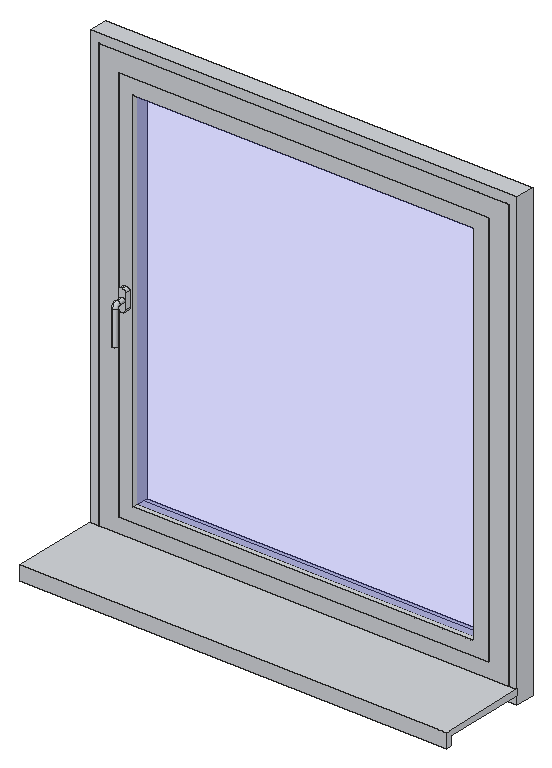
Revit family "AVLN_Окно_1_створка", category Окна, Revit 2021
Family settings
  Основа = Стена
  Номер OmniClass = 23.30.20.00
  Заголовок OmniClass = Windows
  Всегда вертикально = Да
  При загрузке вырезать с полостями = Нет
  Общий = Нет
  Точка принадлежности помещению = Нет
Parameters (values of type "Для копирования!")
  Ширина рамы = 70 mm
  Ширина импоста = 50 mm
  Четверть слева/справа = 50 mm
  Четверть низ = 0 mm  # constant formula
  Четверть верх = 50 mm
  Створка_толщина = 25 mm  # constant formula
  Толщина основы [instance] = 200 mm
  Створка_ширина = Width - Монтажный зазор_Слева - Монтажный зазор_Справа - Ширина рамы * 2  # 1300 mm
  Створка_профиль = 50 mm
  Створка_высота = Height - Монтажный зазор_Снизу * 2 - Ширина рамы * 2  # 1400 mm
  Определить тепловые свойства по = Тип схем
  Створка 01 = АВЛН_Створка открывная : Створка повороно-откидная правая
  Rough Width = Width - Монтажный зазор_Снизу * 2  # 1440 mm
  Rough Height = Height - Монтажный зазор_Снизу - Монтажный зазор_Сверху  # 1540 mm
  Подстановочный профиль_Ширина = 20 mm  # constant formula
  Подстановочный профиль_Толщина = 60 mm
  Подоконник_Толщина = 20 mm
  Подоконник_Длина = Width  # 1500 mm
  Подоконник_Глубина = 280 mm
  Подоконник = yes
  Монтажный зазор_Справа = 30 mm
  Монтажный зазор_Слева = 30 mm
  Монтажный зазор_Сверху = 30 mm
  Глубина вставки = 0 mm
  Отлив_Толщина = 1 mm  # constant formula
  Отлив_Длина = Width - [Четверть слева/справа] * 2  # 1400 mm
  Отлив_Глубина = 280 mm
  Отлив = no
  Откос_Н.Ширина = Width - 2 * [Четверть слева/справа]  # 1400 mm
  Откос_Н.Толщина.8 = 32 mm
  Откос_Н.Толщина.7 = 28 mm
  Откос_Н.Толщина.6 = 24 mm
  Откос_Н.Толщина.5 = 20 mm
  Откос_Н.Толщина.4 = 16 mm
  Откос_Н.Толщина.3 = 12 mm
  Откос_Н.Толщина.2 = 8 mm
  Откос_Н.Толщина.1 = 4 mm
  Откос_Н.Отступ_П = 0 mm  # constant formula
  Откос_Н.Отступ_Л = 0 mm  # constant formula
  Откос_Н.Количество слоев = 0
  Откос_Н.Глубина = 150 mm
  Откос_Н.Высота = Height - Четверть верх - Четверть низ  # 1550 mm
  Откос_В.Толщина.8 = 32 mm
  Откос_В.Толщина.7 = 28 mm
  Откос_В.Толщина.6 = 24 mm
  Откос_В.Толщина.5 = 20 mm
  Откос_В.Толщина.4 = 16 mm
  Откос_В.Толщина.3 = 12 mm
  Откос_В.Толщина.2 = 8 mm
  Откос_В.Толщина.1 = 4 mm
  Откос_В.Отступ_П [instance] = Монтажный зазор_Снизу + Подоконник_Толщина  # 50 mm
  Откос_В.Отступ_Л [instance] = Монтажный зазор_Снизу + Подоконник_Толщина  # 50 mm
  Откос_В.Количество слоев = 0
  Откос_В.Глубина [instance] = Толщина основы - Глубина вставки - Ширина рамы  # 130 mm
  Монтажный зазор_Снизу = 30 mm
  М.Подоконник = none
  М.Отлив = none
  М.Откос_Н.8 = none
  М.Откос_Н.7 = none
  М.Откос_Н.6 = none
  М.Откос_Н.5 = none
  М.Откос_Н.4 = none
  М.Откос_Н.3 = none
  М.Откос_Н.2 = none
  М.Откос_Н.1 = ADSK_Полимеры_ Поливинилхлорид_(ПВХ) белый
  М.Откос_В.8 = none
  М.Откос_В.7 = none
  М.Откос_В.6 = none
  М.Откос_В.5 = none
  М.Откос_В.4 = none
  М.Откос_В.3 = none
  М.Откос_В.2 = none
  М.Откос_В.1 = ADSK_Полимеры_ Поливинилхлорид_(ПВХ) белый
  М.Монтажного зазора = none
  М.Стекла = Стекло
  М.Рамы = none
  М.Подоконный профиль = none
  Type Comments = ""
  Height = 1600 mm
  Высота подоконника по умолчанию = 800 mm
  Замыкание стены = По основе
  Width = 1500 mm
  Аналитическая конструкция = "<Нет>"
  АВЛН_Проем_Ширина [instance] = Width  # 1500 mm
  АВЛН_Проем_Высота [instance] = Height  # 1600 mm
  ADSK_Этаж [instance] = ""
  ADSK_Размер_Ширина = Width  # 1500 mm
  ADSK_Размер_Высота = Height  # 1600 mm
  ADSK_Примечание [instance] = ""
  ADSK_Площадь = Height * Width  # 2.40 m²
  ADSK_Обозначение = ""
  ADSK_Номер секции [instance] = ""
  ADSK_Наименование = ""
  ADSK_Марка = ""
  ADSK_Группирование = ""
  -----------Разрезка----------- = "-----------"  # constant formula
  -----------Профили----------- = "-----------"  # constant formula
  -----------Подоконник----------- = "-----------"  # constant formula
  -----------Отлив----------- = "-----------"  # constant formula
  -----------Откос----------- = "-----------"  # constant formula
  -----------Основные габариты----------- = "-----------"  # constant formula
  -----------Вставка----------- = "-----------"  # constant formula
Reference planes
  plane 1 "По центру (Вперед/Назад)": y = 0
  plane 2 "По центру (Влево/Вправо)": x = 0
  plane 3 "Слева": x = -750
  plane 4 "Справа": x = 750
  plane 5 "Подоконник": z = 800
  plane 6 "Заголовок": z = 2400
  plane 7 "Наружный": y = 100
  plane 8 "Внутренние": y = -100
  plane 9 "Окно": y = 100
  plane 10: x = 720
  plane 11: z = 2370
  plane 12: x = -720
  plane 13: z = 830
  plane 14: x = 700
  plane 15: x = -700
  plane 16: z = 1600
  plane 17: y = 600
  plane 18: y = -400
  plane 19: z = 2350
  plane 20 "Чет. низ": z = 800
  plane 21 "Внутряння грань": y = 30
  plane 22: y = 80
  plane 23: z = 900
  plane 24: z = 2300
  plane 25: x = -650
  plane 26: x = 650
  plane 27 "9": x = 0
Forms (mm)
  Extrusion 1, void
    sketch origin (0, 100, 0) x (1, 0, 0) y (0, 0, 1)
      loop
        line (700, 2350) -> (-700, 2350) -> (-700, 800) -> (700, 800) -> (700, 2350)
    from -500 to 20
  Extrusion 2, void
    sketch origin (0, 100, 0) x (1, 0, 0) y (0, 0, 1)
      loop
        line (750, 2400) -> (-750, 2400) -> (-750, 800) -> (750, 800) -> (750, 2400)
    from 0 to 500
  Extrusion 3, solid, material <- "М.Монтажного зазора", detail levels medium+fine
    sketch origin (0, 100, 0) x (1, 0, 0) y (0, 0, 1)
      loop
        line (750, 2400) -> (-750, 2400) -> (-750, 800) -> (750, 800) -> (750, 2400)
      loop
        line (-720, 2370) -> (-720, 830) -> (720, 830) -> (720, 2370) -> (-720, 2370)
    from 0 to 70
  Extrusion 4, solid, material <- "М.Рамы", detail levels medium+fine
    sketch origin (0, 100, 0) x (-1, 0, 0) y (0, 0, 1)
      loop
        line (-720, 2370) -> (-720, 830) -> (720, 830) -> (720, 2370) -> (-720, 2370)
      loop
        line (-650, 2300) -> (-650, 900) -> (650, 900) -> (650, 2300) -> (-650, 2300)
    from -70 to 0
Text (mm)
  text "EXTERIOR" at (-1963.203, 1332.353, 0), in view "Опорный уровень"
  text "INTERIOR" at (-1981.466, -818.386, 0), in view "Опорный уровень"
  text "Наружный" at (0, 923.751, 2943.296), in view "Справа"
  text "Наружный" at (0, 1240.237, 2685.409), in view "Слева"
Dimensions and locks
  equal spacing: plane 3 "Слева", plane 2 "По центру (Влево/Вправо)", plane 4 "Справа"
  "Width": plane 3 "Слева" to plane 4 "Справа"
  "Height": plane 5 "Подоконник" to plane 6 "Заголовок"
  "Высота подоконника по умолчанию": plane 5 "Подоконник" to level
  locked: plane 7 "Наружный" to host wall
  locked: plane 8 "Внутренние" to host wall
  "Глубина вставки": plane 9 "Окно" to plane 7 "Наружный"
  "Монтажный зазор_Справа": plane 10 to plane 4 "Справа"
  "Монтажный зазор_Слева": plane 3 "Слева" to plane 12
  "Монтажный зазор_Сверху": plane 11 to plane 6 "Заголовок"
  "Монтажный зазор_Снизу": plane 5 "Подоконник" to plane 13
  "Четверть слева/справа": plane 14 to plane 4 "Справа"
  "Четверть слева/справа": plane 3 "Слева" to plane 15
  equal spacing: plane 5 "Подоконник", plane 16, plane 6 "Заголовок"
  locked: plane 7 "Наружный" to plane 17 at 500
  locked: plane 18 to plane 8 "Внутренние" at 300
  "Четверть верх": plane 19 to plane 6 "Заголовок"
  "Четверть низ": plane 5 "Подоконник" to plane 20 "Чет. низ"
  "Ширина рамы": plane 9 "Окно" to plane 21 "Внутряння грань"
  "Толщина основы": host wall to host wall
  locked: plane 22 to plane 21 "Внутряння грань" at 50
  "Ширина рамы": plane 26 to plane 10
  "Ширина рамы": plane 12 to plane 25
  "Ширина рамы": plane 13 to plane 23
  "Ширина рамы": plane 24 to plane 11
  equal spacing: plane 3 "Слева", plane 27 "9", plane 4 "Справа"
  aligned and locked: Extrusion 1 sketch curve to plane 14
  aligned and locked: plane 15 to Extrusion 1 sketch curve
  aligned and locked: plane 17 to Extrusion 1
  aligned and locked: Extrusion 2 sketch curve to plane 6 "Заголовок"
  aligned and locked: Extrusion 2 sketch curve to plane 4 "Справа"
  aligned and locked: plane 5 "Подоконник" to Extrusion 2 sketch curve
  aligned and locked: plane 3 "Слева" to Extrusion 2 sketch curve
  aligned and locked: plane 9 "Окно" to Extrusion 2
  aligned and locked: Extrusion 2 to plane 18
  aligned and locked: Extrusion 1 sketch curve to plane 19
  aligned and locked: plane 20 "Чет. низ" to Extrusion 1 sketch curve
  aligned and locked: plane 9 "Окно" to nested 1
  aligned and locked: plane 2 "По центру (Влево/Вправо)" to nested 1
  aligned and locked: nested 2 to plane 21 "Внутряння грань"
  aligned and locked: nested 2 to plane 2 "По центру (Влево/Вправо)"
  aligned and locked: nested 3 to plane 2 "По центру (Влево/Вправо)"
  aligned and locked: plane 8 "Внутренние" to nested 3
  aligned and locked: nested 4 to plane 9 "Окно"
  aligned and locked: Extrusion 3 sketch curve to plane 6 "Заголовок"
  aligned and locked: Extrusion 3 sketch curve to plane 4 "Справа"
  aligned and locked: Extrusion 3 sketch curve to nested 2  (x2)
  aligned and locked: Extrusion 3 sketch curve to plane 11
  aligned and locked: Extrusion 3 sketch curve to plane 12
  aligned and locked: Extrusion 3 sketch curve to plane 13
  aligned and locked: plane 10 to Extrusion 3 sketch curve
  aligned and locked: Extrusion 3 to nested 2
  aligned and locked: plane 12 to Extrusion 4 sketch curve
  aligned and locked: plane 13 to Extrusion 4 sketch curve
  aligned and locked: Extrusion 4 sketch curve to plane 24
  aligned and locked: Extrusion 4 sketch curve to plane 11
  aligned and locked: plane 20 "Чет. низ" to nested 4
  aligned and locked: nested 4 to plane 2 "По центру (Влево/Вправо)"
  aligned and locked: plane 9 "Окно" to Extrusion 3
  aligned and locked: Extrusion 4 to plane 21 "Внутряння грань"
  aligned and locked: plane 9 "Окно" to Extrusion 4
  aligned and locked: Extrusion 1 to plane 22
  aligned and locked: Extrusion 4 sketch curve to plane 10
  aligned and locked: Extrusion 4 sketch curve to plane 26
  aligned and locked: plane 23 to Extrusion 4
  aligned and locked: plane 16 to nested 5
  aligned and locked: plane 27 "9" to nested 5
Automatic sketch dimensions
  plane 25 to Extrusion 4 sketch curve = 0 mm
  Extrusion 4 sketch curve to plane 23 = 0 mm
Nested families
  nested 1: "Отлив" at (0, 100, 800) x (-1, 0, 0) z (0, 0, 1), Глубина отлива <- "Отлив_Глубина", Длина отлива <- "Отлив_Длина", ТО <- "Отлив_Толщина", Ш_МЗЗ <- "Монтажный зазор_Снизу", Ш_ПП <- "Подстановочный профиль_Ширина", ADSK_Группирование <- "ADSK_Группирование", ADSK_Номер секции <- "ADSK_Номер секции", ADSK_Этаж <- "ADSK_Этаж", visible <- "Отлив", М <- "М.Отлив", type "Отлив", detail levels fine
    with Ш_ПП 20 mm, Ш_МЗЗ 30 mm, ТО 1 mm, М none, Длина отлива 1400 mm, Глубина отлива 280 mm, ADSK_Этаж "", ADSK_Примечание "", ADSK_Обозначение "", ADSK_Номер секции "", ADSK_Наименование "", ADSK_Марка "", ADSK_Группирование ""
  nested 2: "Подоконник" at (0, 30, 800), Глубина подоконника <- "Подоконник_Глубина", Длина отлива <- "Подоконник_Длина", ТП <- "Подоконник_Толщина", Ш_МЗЗ <- "Монтажный зазор_Снизу", Ш_ПП <- "Подстановочный профиль_Ширина", ADSK_Группирование <- "ADSK_Группирование", ADSK_Номер секции <- "ADSK_Номер секции", ADSK_Этаж <- "ADSK_Этаж", visible <- "Подоконник", М <- "М.Подоконник", type "Подоконник", detail levels fine
    with Ш_ПП 20 mm, Ш_МЗЗ 30 mm, ТП 20 mm, М none, Длина отлива 1500 mm, Глубина подоконника 280 mm, ADSK_Этаж "", ADSK_Примечание "", ADSK_Обозначение "", ADSK_Номер секции "", ADSK_Наименование "", ADSK_Марка "", ADSK_Группирование ""
  nested 3: "AVLN_Откосы_R19" at (0, -100, 0), Глубина <- "Откос_В.Глубина", Высота от уровня <- "Высота подоконника по умолчанию", ADSK_Группирование <- "Type Comments", ADSK_Этаж <- "ADSK_Этаж", ADSK_Номер секции <- "ADSK_Номер секции", Материал_1 <- "М.Откос_В.1", Материал_2 <- "М.Откос_В.2", Материал_3 <- "М.Откос_В.3", Материал_4 <- "М.Откос_В.4", Материал_5 <- "М.Откос_В.5", Материал_6 <- "М.Откос_В.6", Материал_7 <- "М.Откос_В.7", Материал_8 <- "М.Откос_В.8", Толщина_1 <- "Откос_В.Толщина.1", Толщина_2 <- "Откос_В.Толщина.2", Толщина_3 <- "Откос_В.Толщина.3", Толщина_4 <- "Откос_В.Толщина.4", Толщина_5 <- "Откос_В.Толщина.5", Толщина_6 <- "Откос_В.Толщина.6", Толщина_7 <- "Откос_В.Толщина.7", Толщина_8 <- "Откос_В.Толщина.8", Количество слоев <- "Откос_В.Количество слоев", Отступ_Л <- "Откос_В.Отступ_Л", Отступ_П <- "Откос_В.Отступ_П", Высота <- "Height", Ширина <- "Width", type "AVLN_Откосы_R19"
    with Ширина_8 1276 mm, Ширина_7 1332 mm, Ширина_6 1380 mm, Ширина_5 1420 mm, Ширина_4 1452 mm, Ширина_3 1476 mm, Ширина_2 1492 mm, Ширина 1500 mm, Толщина_8 32 mm, Толщина_7 28 mm, Толщина_6 24 mm, Толщина_5 20 mm, Толщина_4 16 mm, Толщина_3 12 mm, Толщина_2 8 mm, Толщина_1 4 mm, Отступ_П 50 mm, Отступ_Л 50 mm, Материал_8 none, Материал_7 none, Материал_6 none, Материал_5 none, Материал_4 none, Материал_3 none, Материал_2 none, Материал_1 ADSK_Полимеры_ Поливинилхлорид_(ПВХ) белый, Количество слоев 0, Глубина 130 mm, Высота_8 1488 mm, Высота_7 1516 mm, Высота_6 1540 mm, Высота_5 1560 mm, Высота_4 1576 mm, Высота_3 1588 mm, Высота_2 1596 mm, Высота от уровня 800 mm, Высота 1600 mm, Видимость_8 no, Видимость_7 no, Видимость_6 no, Видимость_5 no, Видимость_4 no, Видимость_3 no, Видимость_2 no, Видимость_1 no, ADSK_Этаж "", ADSK_Номер секции "", ADSK_Группирование ""
  nested 4: "AVLN_Откосы_R19" at (0, 100, 0), Ширина <- "Откос_Н.Ширина", Глубина <- "Откос_Н.Глубина", Высота <- "Откос_Н.Высота", Высота от уровня <- "Высота подоконника по умолчанию", ADSK_Группирование <- "Type Comments", ADSK_Этаж <- "ADSK_Этаж", ADSK_Номер секции <- "ADSK_Номер секции", Материал_1 <- "М.Откос_Н.1", Материал_2 <- "М.Откос_Н.2", Материал_3 <- "М.Откос_Н.3", Материал_4 <- "М.Откос_Н.4", Материал_5 <- "М.Откос_Н.5", Материал_6 <- "М.Откос_Н.6", Материал_7 <- "М.Откос_Н.7", Материал_8 <- "М.Откос_Н.8", Толщина_1 <- "Откос_Н.Толщина.1", Толщина_2 <- "Откос_Н.Толщина.2", Толщина_3 <- "Откос_Н.Толщина.3", Толщина_4 <- "Откос_Н.Толщина.4", Толщина_5 <- "Откос_Н.Толщина.5", Толщина_6 <- "Откос_Н.Толщина.6", Толщина_7 <- "Откос_Н.Толщина.7", Толщина_8 <- "Откос_Н.Толщина.8", Количество слоев <- "Откос_Н.Количество слоев", Отступ_Л <- "Откос_Н.Отступ_Л", Отступ_П <- "Откос_Н.Отступ_П", type "AVLN_Откосы_R19"
    with Ширина_8 1176 mm, Ширина_7 1232 mm, Ширина_6 1280 mm, Ширина_5 1320 mm, Ширина_4 1352 mm, Ширина_3 1376 mm, Ширина_2 1392 mm, Ширина 1400 mm, Толщина_8 32 mm, Толщина_7 28 mm, Толщина_6 24 mm, Толщина_5 20 mm, Толщина_4 16 mm, Толщина_3 12 mm, Толщина_2 8 mm, Толщина_1 4 mm, Отступ_П 0 mm, Отступ_Л 0 mm, Материал_8 none, Материал_7 none, Материал_6 none, Материал_5 none, Материал_4 none, Материал_3 none, Материал_2 none, Материал_1 ADSK_Полимеры_ Поливинилхлорид_(ПВХ) белый, Количество слоев 0, Глубина 150 mm, Высота_8 1438 mm, Высота_7 1466 mm, Высота_6 1490 mm, Высота_5 1510 mm, Высота_4 1526 mm, Высота_3 1538 mm, Высота_2 1546 mm, Высота от уровня 800 mm, Высота 1550 mm, Видимость_8 no, Видимость_7 no, Видимость_6 no, Видимость_5 no, Видимость_4 no, Видимость_3 no, Видимость_2 no, Видимость_1 no, ADSK_Этаж "", ADSK_Номер секции "", ADSK_Группирование ""
  nested 5: "АВЛН_Створка открывная" at (0, 30, 1600) x (1, 0, 0) z (0, 1, 0), type <- "Створка 01", Створка высота <- "Створка_высота", Створка ширина <- "Створка_ширина", Ширина рамы <- "Створка_профиль", Материал_Ручки <- "М.Рамы", Материал_Рама <- "М.Рамы", Материал_Стеклопакет <- "М.Стекла", type "Створка повороно-откидная правая", detail levels medium+fine
    with Ширина рамы 50 mm, Створка ширина 1300 mm, Створка высота 1400 mm, Материал_Стеклопакет Стекло, Материал_Ручки none, Материал_Рама none
Definition of nested family "Отлив"
  Parameters (values of type "Отлив")
    Ш_ПП [instance] = 50 mm
    Ш_МЗЗ [instance] = 35 mm
    ТО [instance] = 1 mm
    Default Elevation = 1219.2 mm
    М [instance] = none
    Длина отлива [instance] = 1560 mm
    Глубина отлива [instance] = 280 mm
    ADSK_Этаж [instance] = ""
    ADSK_Примечание [instance] = ""
    ADSK_Обозначение [instance] = ""
    ADSK_Номер секции [instance] = ""
    ADSK_Наименование [instance] = ""
    ADSK_Марка [instance] = ""
    ADSK_Группирование [instance] = ""
  Reference planes
    plane 1 "По центру (Вперед/Назад)": y = 0
    plane 2: z = 0
    plane 3 "По центру (Влево/Вправо)": x = 0
    plane 4: y = -280
    plane 5: x = -780
    plane 6: x = 780
    plane 7: z = 35
    plane 8: z = 85
    plane 9: y = -1
    plane 10: y = -300
    plane 11: y = -301
    plane 12: z = -35
    plane 13: z = 34
  Forms (mm)
    Extrusion 1, solid, material <- "М"
      sketch origin (0, 0, 0) x (0, 1, 0) y (0, 0, 1)
        loop
          line (0, 85) -> (-1, 85) -> (-1, 34.893) -> (-301, 0.893) -> (-301, -35) -> (-300, -35) -> (-300, 0) -> (0, 34) -> (0, 85)
      from -780 to 780
  Dimensions and locks
    equal spacing: plane 5, plane 3 "По центру (Влево/Вправо)", plane 6
    "Длина отлива": plane 5 to plane 6
    "Глубина отлива": plane 4 to plane 1 "По центру (Вперед/Назад)"
    "Ш_МЗЗ": plane 7 to level
    "Ш_ПП": plane 8 to plane 7
    "ТО": plane 1 "По центру (Вперед/Назад)" to plane 9
    "ТО": plane 10 to plane 11
    locked: level to plane 12 at 35
    "ТО": plane 7 to plane 13
    "ТО": Extrusion 1 sketch curve to Extrusion 1 sketch curve
    locked: plane 4 to plane 10 at 20
    aligned and locked: level to plane 2
    aligned and locked: plane 8 to Extrusion 1 sketch curve
    aligned and locked: plane 9 to Extrusion 1 sketch curve
    aligned and locked: plane 11 to Extrusion 1 sketch curve
    aligned and locked: plane 12 to Extrusion 1 sketch curve
    aligned and locked: plane 1 "По центру (Вперед/Назад)" to Extrusion 1 sketch curve  (x2)
    aligned and locked: plane 13 to Extrusion 1 sketch curve
    aligned and locked: level to Extrusion 1 sketch curve
    aligned and locked: plane 10 to Extrusion 1 sketch curve
    aligned and locked: plane 6 to Extrusion 1
    aligned and locked: Extrusion 1 to plane 5
Definition of nested family "Подоконник"
  Parameters (values of type "Подоконник")
    Ш_ПП [instance] = 50 mm
    Ш_МЗЗ [instance] = 35 mm
    ТП [instance] = 20 mm
    Default Elevation = 1219.2 mm
    М [instance] = none
    Длина отлива [instance] = 1560 mm
    Глубина подоконника [instance] = 280 mm
    ADSK_Этаж [instance] = ""
    ADSK_Примечание [instance] = ""
    ADSK_Обозначение [instance] = ""
    ADSK_Номер секции [instance] = ""
    ADSK_Наименование [instance] = ""
    ADSK_Марка [instance] = ""
    ADSK_Группирование [instance] = ""
  Reference planes
    plane 1 "По центру (Вперед/Назад)": y = 0
    plane 2: z = 0
    plane 3 "По центру (Влево/Вправо)": x = 0
    plane 4: y = -280
    plane 5: x = -780
    plane 6: x = 780
    plane 7: z = 35
    plane 8: z = 85
    plane 9: y = -20
    plane 10: y = -290
    plane 11: y = -310
    plane 12: z = -35
    plane 13: z = 15
    plane 14: z = 65
  Forms (mm)
    Extrusion 1, solid, material <- "М"
      sketch origin (0, 0, 0) x (0, 1, 0) y (0, 0, 1)
        loop
          line (0, 85) -> (-310, 85) -> (-310, 0) -> (-290, 0) -> (-290, 65) -> (0, 65) -> (0, 85)
      from -780 to 780
  Dimensions and locks
    equal spacing: plane 5, plane 3 "По центру (Влево/Вправо)", plane 6
    "Длина отлива": plane 5 to plane 6
    "Глубина подоконника": plane 4 to plane 1 "По центру (Вперед/Назад)"
    "Ш_МЗЗ": plane 7 to level
    "Ш_ПП": plane 8 to plane 7
    "ТП": plane 1 "По центру (Вперед/Назад)" to plane 9
    "ТП": plane 10 to plane 11
    locked: level to plane 12 at 35
    "ТП": plane 7 to plane 13
    locked: plane 4 to plane 10 at 10
    "ТП": plane 8 to plane 14
    aligned and locked: level to plane 2
    aligned and locked: plane 8 to Extrusion 1 sketch curve
    aligned and locked: plane 1 "По центру (Вперед/Назад)" to Extrusion 1 sketch curve
    aligned and locked: plane 10 to Extrusion 1 sketch curve
    aligned and locked: plane 11 to Extrusion 1 sketch curve
    aligned and locked: level to Extrusion 1 sketch curve
    aligned and locked: plane 14 to Extrusion 1 sketch curve
    aligned and locked: Extrusion 1 to plane 5
    aligned and locked: plane 6 to Extrusion 1
Definition of nested family "АВЛН_Створка открывная"
  Parameters (values of type "Створка повороно-откидная правая")
    Ширина рамы [instance] = 50 mm
    Width = 600 mm
    Створка ширина [instance] = 800 mm
    Створка высота [instance] = 700 mm
    Define Thermal Properties by = 1
    Материал_Стеклопакет [instance] = none
    Поворотная Правая = yes
    Поворотная Левая = no
    Default Elevation = 1219.2 mm
    Открываная = yes
    Откидная = yes
    Материал_Ручки [instance] = none
    Материал_Рама [instance] = none
    Левая = yes
    Глухое = no
    Height = 1400 mm
    Analytic Construction = "<Нет>"
  Types (6, lengths in mm): name | Поворотная Правая | Поворотная Левая | Открываная | Откидная | Глухое
    Створка повороно-откидная правая | yes | no | yes | yes | no
    Створка повороно-откидная левая | no | yes | yes | yes | no
    Створка глухая | no | no | no | no | yes
    Створка откидная | no | no | yes | yes | no
    Створка поворотная правая | yes | no | yes | no | no
    Створка поворотная левая | no | yes | yes | no | no
  Reference planes
    plane 1 "По центру (Вперед/Назад)": y = 0
    plane 2 "Внутрення грань": z = 0
    plane 3 "По центру (Влево/Вправо)": x = 0
    plane 4: y = 350
    plane 5: x = 400
    plane 6: y = -350
    plane 7: x = -400
    plane 8 "Наружняя грань": z = 60.433
    plane 9 "По центру Л/Р": z = 30.216
  Forms (mm)
    Extrusion 1, solid
      sketch origin (0, 0, 0) x (1, 0, 0) y (0, 1, 0)
        loop
          line (-1219.2, 1219.2) -> (-1219.2, -1219.2) -> (1219.2, -1219.2) -> (1219.2, 1219.2) -> (-1219.2, 1219.2)
      from 0 to -304.8
    Sweep 2, solid, material <- "Материал_Рама", visible <- "Открываная"
      path origin (0, 0, 0) x (1, 0, 0) y (0, 1, 0)
        loop
          line (400, 350) -> (-400, 350) -> (-400, -350) -> (400, -350) -> (400, 350)
      profile origin (0, 350, 0) x (0, -1, 0) y (0, 0, 1)
        loop
          line (0, 0) -> (50, 0) -> (50, 60.433) -> (0, 60.433) -> (0, 0)
    Extrusion 3, solid, material <- "Материал_Стеклопакет", visible <- "Открываная"
      sketch origin (0, 0, 0) x (1, 0, 0) y (0, 1, 0)
        loop
          line (-350, 300) -> (-350, -300) -> (350, -300) -> (350, 300) -> (-350, 300)
      from 17.481 to 42.952
    Extrusion 4, solid, material <- "Материал_Стеклопакет", visible <- "Глухое"
      sketch origin (0, 0, 0) x (1, 0, 0) y (0, 1, 0)
        loop
          line (-400, 350) -> (-400, -350) -> (400, -350) -> (400, 350) -> (-400, 350)
      from 17.481 to 42.952
  Lines and regions (mm)
    model lines, visible <- "Глухое", detail levels medium+fine
      curve 1: line (0, 50, 60.433) -> (0, -50, 60.433)
      curve 2: line (50, 0, 60.433) -> (-50, 0, 60.433)
      curve 17: line (0, 50, 0) -> (0, -50, 0)
      curve 18: line (50, 0, 0) -> (-50, 0, 0)
    model lines, visible <- "Глухое", not visible, detail levels medium+fine
      curve 3: line (60, 38.001, 60.433) -> (60, -61.999, 60.433)
      curve 4: line (110, -11.999, 60.433) -> (10, -11.999, 60.433)
    model lines, visible <- "Поворотная Правая", detail levels medium+fine
      curve 5: line (400, 350, 0) -> (-400, 0, 0)
      curve 6: line (400, -350, 0) -> (-400, 0, 0)
      curve 13: line (400, 350, 60.433) -> (-400, 0, 60.433)
      curve 14: line (400, -350, 60.433) -> (-400, 0, 60.433)
    model lines, visible <- "Откидная", detail levels medium+fine
      curve 7: line (-400, -350, 0) -> (0, 350, 0)
      curve 8: line (0, 350, 0) -> (400, -350, 0)
      curve 15: line (-400, -350, 60.433) -> (0, 350, 60.433)
      curve 16: line (0, 350, 60.433) -> (400, -350, 60.433)
    model lines, visible <- "Поворотная Левая", detail levels medium+fine
      curve 9: line (-400, 350, 0) -> (400, 0, 0)
      curve 10: line (-400, -350, 0) -> (400, 0, 0)
      curve 11: line (-400, 350, 60.433) -> (400, 0, 60.433)
      curve 12: line (-400, -350, 60.433) -> (400, 0, 60.433)
  Dimensions and locks
    "Створка высота": plane 4 to plane 6
    "Створка ширина": plane 7 to plane 5
    equal spacing: plane 7, plane 3 "По центру (Влево/Вправо)", plane 5
    equal spacing: plane 6, plane 1 "По центру (Вперед/Назад)", plane 4
    plane 2 "Внутрення грань" to plane 8 "Наружняя грань" = 60.433 mm
    level to Extrusion 4 = 42.952 mm
    plane 8 "Наружняя грань" to level = 60.433 mm
    equal spacing: Extrusion 3, plane 9 "По центру Л/Р", Extrusion 3
    equal spacing: plane 8 "Наружняя грань", plane 9 "По центру Л/Р", level
    Extrusion 3 to Extrusion 3 = 25.471 mm
    "Ширина рамы": profile plane to Sweep 2 sketch curve
    equal spacing: Extrusion 4, plane 9 "По центру Л/Р", Extrusion 4, locked at 12.735 each
    locked: Extrusion 4 to Extrusion 4 at 25.471
    equal spacing: Sweep 2, nested 1, Sweep 2
    equal spacing: Sweep 2, nested 2, Sweep 2
    aligned and locked: plane 2 "Внутрення грань" to Extrusion 1
    aligned and locked: level to Extrusion 1
    aligned and locked: plane 4 to Sweep 2 sketch curve
    aligned and locked: plane 5 to Sweep 2 sketch curve
    aligned and locked: plane 6 to Sweep 2 sketch curve
    aligned and locked: Sweep 2 sketch curve to plane 7
    aligned and locked: Extrusion 3 sketch curve to Sweep 2  (x4)
    aligned and locked: Extrusion 4 sketch curve to Sweep 2  (x3)
    aligned and locked: Extrusion 4 sketch curve to plane 5
    aligned and locked: Sweep 2 sketch curve to plane 8 "Наружняя грань"
    aligned and locked: plane 6 to Extrusion 4
    aligned and locked: plane 4 to Extrusion 4
    aligned and locked: curve 2 to plane 1 "По центру (Вперед/Назад)"
    aligned and locked: curve 1 to plane 3 "По центру (Влево/Вправо)"
    aligned and locked: curve 18 to plane 1 "По центру (Вперед/Назад)"
    aligned and locked: curve 17 to plane 3 "По центру (Влево/Вправо)"
    aligned and locked: nested 2 to plane 1 "По центру (Вперед/Назад)"
    aligned and locked: nested 1 to plane 1 "По центру (Вперед/Назад)"
  Automatic sketch dimensions
    Extrusion 1 sketch curve to Extrusion 1 sketch curve = 2438.4 mm  (x2)
    plane 1 "По центру (Вперед/Назад)" to curve 5 = 0 mm
    curve 5 to plane 7 = 0 mm
    curve 9 to plane 4 = 0 mm
    curve 9 to plane 7 = 0 mm
    plane 6 to curve 7 = 0 mm
    curve 7 to plane 7 = 0 mm
    curve 7 to plane 3 "По центру (Влево/Вправо)" = 0 mm
    curve 6 to plane 5 = 0 mm
    plane 1 "По центру (Вперед/Назад)" to curve 9 = 0 mm
    curve 9 to plane 5 = 0 mm
    curve 5 to plane 4 = 0 mm
    curve 5 to plane 5 = 0 mm
    plane 6 to curve 8 = 0 mm
    curve 8 to plane 4 = 0 mm
    curve 11 to plane 4 = 0 mm
    curve 11 to plane 7 = 0 mm
    plane 6 to curve 15 = 0 mm
    curve 15 to plane 7 = 0 mm
    plane 1 "По центру (Вперед/Назад)" to curve 14 = 0 mm
    curve 14 to plane 7 = 0 mm
    curve 15 to plane 3 "По центру (Влево/Вправо)" = 0 mm
    plane 1 "По центру (Вперед/Назад)" to curve 11 = 0 mm
    curve 11 to plane 5 = 0 mm
    curve 14 to plane 5 = 0 mm
    curve 13 to plane 4 = 0 mm
    curve 13 to plane 5 = 0 mm
    plane 6 to curve 14 = 0 mm
    curve 15 to plane 4 = 0 mm
    plane 1 "По центру (Вперед/Назад)" to curve 2 = 0 mm
    curve 1 to plane 3 "По центру (Влево/Вправо)" = 0 mm
    curve 2 to plane 3 "По центру (Влево/Вправо)" = 50 mm
    plane 3 "По центру (Влево/Вправо)" to curve 2 = 50 mm
    plane 1 "По центру (Вперед/Назад)" to curve 1 = 50 mm
    curve 1 to plane 1 "По центру (Вперед/Назад)" = 50 mm
    curve 18 to curve 17 = 50 mm
    curve 17 to curve 18 = 50 mm
    plane 1 "По центру (Вперед/Назад)" to curve 17 = 50 mm
    curve 17 to plane 1 "По центру (Вперед/Назад)" = 50 mm
    Sweep 2 sketch curve to level = 0 mm
    Sweep 2 sketch curve to profile plane = 0 mm
  Nested families
    nested 1: "АВЛН_Ручка" at (375, 1040, 0) x (1, 0, 0) z (0, -1, 0), visible <- "Поворотная Левая", Материал дверной ручки <- "Материал_Рама", type "АВЛН_Ручка", detail levels fine
      with Материал дверной ручки none, Высота расположения дверной ручки 1040 mm
    nested 2: "АВЛН_Ручка" at (-375, 1040, 0) x (1, 0, 0) z (0, -1, 0), visible <- "Поворотная Правая", Материал дверной ручки <- "Материал_Рама", type "АВЛН_Ручка", detail levels fine
      with Материал дверной ручки none, Высота расположения дверной ручки 1040 mm
  Definition of nested family "АВЛН_Ручка"
    Parameters (values of type "АВЛН_Ручка")
      Default Elevation = 1219.2 mm
      Материал дверной ручки [instance] = none
      Высота расположения дверной ручки [instance] = 1040 mm
      Analytic Construction = "<Нет>"
      b = 25 mm
      a = 75 mm
    Reference planes
      plane 1 "По центру (Вперед/Назад)": y = 0
      plane 2: z = 0
      plane 3 "По центру (Влево/Вправо)": x = 0
      plane 4: z = 1040
      plane 5: x = 12.5
      plane 6: x = -12.5
      plane 7: z = 1002.5
      plane 8: z = 1077.5
      plane 9: y = -15
    Forms (mm)
      Extrusion 1, solid, material <- "Материал дверной ручки"
        sketch origin (0, 0, 2080) x (-1, 0, 0) y (0, 0, -1)
          loop
            arc (-2.5, 1077.5) -> (-9.571, 1074.571) -> (-12.5, 1067.5) r 10
            line (-12.5, 1067.5) -> (-12.5, 1012.5)
            arc (-12.5, 1012.5) -> (-9.571, 1005.429) -> (-2.5, 1002.5) r 10
            line (-2.5, 1002.5) -> (2.5, 1002.5)
            arc (2.5, 1002.5) -> (9.571, 1005.429) -> (12.5, 1012.5) r 10
            line (12.5, 1012.5) -> (12.5, 1067.5)
            arc (12.5, 1067.5) -> (9.571, 1074.571) -> (2.5, 1077.5) r 10
            line (2.5, 1077.5) -> (-2.5, 1077.5)
        from 0 to 15
      Sweep 2, solid, material <- "Материал дверной ручки"
        path origin (-1040, 0, 1040) x (0, 0, -1) y (0, 1, 0)
          loop
            line (0, -15) -> (0, -38.261)
            arc (0, -38.261) -> (-2.929, -45.332) -> (-10, -48.261) r 10
            line (-10, -48.261) -> (-130, -48.261)
        profile origin (-1040, -26.63, 1040) x (0, 0, -1) y (1, 0, 0)
          loop
            circle (0, 1040) r 8
    Dimensions and locks
      "Высота расположения дверной ручки": plane 4 to level
      "a": plane 7 to plane 8
      "b": plane 6 to plane 5
      plane 6 to plane 5 = 25 mm
      locked: plane 1 "По центру (Вперед/Назад)" to plane 9 at 15
      plane 7 to plane 8 = 75 mm
      aligned and locked: level to plane 2
      aligned and locked: Extrusion 1 sketch curve to plane 7
      aligned and locked: plane 5 to Extrusion 1 sketch curve
      aligned and locked: plane 8 to Extrusion 1 sketch curve
      aligned and locked: Extrusion 1 sketch curve to plane 6
      aligned and locked: Extrusion 1 to plane 1 "По центру (Вперед/Назад)"
    Automatic sketch dimensions
      Sweep 2 sketch curve to plane 9 = 0 mm
      plane 4 to Sweep 2 sketch curve = 10 mm
      plane 9 to Sweep 2 sketch curve = 23.261 mm
      Sweep 2 sketch curve to Sweep 2 sketch curve = 120 mm
      Sweep 2 sketch curve to profile plane = 0 mm
      profile plane to Sweep 2 sketch curve = 1040 mm
      Sweep 2 sketch curve to plane 4 = 0 mm
      plane 3 "По центру (Влево/Вправо)" to Extrusion 1 sketch curve = 2.5 mm  (x2)
      Extrusion 1 sketch curve to plane 3 "По центру (Влево/Вправо)" = 2.5 mm  (x2)
      radius of Sweep 2 sketch curve = 8 mm
Definition of nested family "AVLN_Откосы_R19"
  Parameters (values of type "AVLN_Откосы_R19")
    Ширина_8 [instance] = Ширина_7 - Толщина_7 * 2  # 776 mm
    Ширина_7 [instance] = Ширина_6 - Толщина_6 * 2  # 832 mm
    Ширина_6 [instance] = Ширина_5 - Толщина_5 * 2  # 880 mm
    Ширина_5 [instance] = Ширина_4 - Толщина_4 * 2  # 920 mm
    Ширина_4 [instance] = Ширина_3 - Толщина_3 * 2  # 952 mm
    Ширина_3 [instance] = Ширина_2 - Толщина_2 * 2  # 976 mm
    Ширина_2 [instance] = Ширина - Толщина_1 * 2  # 992 mm
    Ширина [instance] = 1000 mm
    Толщина_8 [instance] = 32 mm
    Толщина_7 [instance] = 28 mm
    Толщина_6 [instance] = 24 mm
    Толщина_5 [instance] = 20 mm
    Толщина_4 [instance] = 16 mm
    Толщина_3 [instance] = 12 mm
    Толщина_2 [instance] = 8 mm
    Толщина_1 [instance] = 4 mm
    Отступ_П [instance] = 0 mm
    Отступ_Л [instance] = 0 mm
    Default Elevation = 1219.2 mm
    Материал_8 [instance] = none
    Материал_7 [instance] = none
    Материал_6 [instance] = none
    Материал_5 [instance] = none
    Материал_4 [instance] = none
    Материал_3 [instance] = none
    Материал_2 [instance] = none
    Материал_1 [instance] = none
    Type Comments = ""
    Количество слоев [instance] = 8
    Глубина [instance] = 200 mm
    Высота_8 [instance] = Высота_7 - Толщина_7  # 1388 mm
    Высота_7 [instance] = Высота_6 - Толщина_6  # 1416 mm
    Высота_6 [instance] = Высота_5 - Толщина_5  # 1440 mm
    Высота_5 [instance] = Высота_4 - Толщина_4  # 1460 mm
    Высота_4 [instance] = Высота_3 - Толщина_3  # 1476 mm
    Высота_3 [instance] = Высота_2 - Толщина_2  # 1488 mm
    Высота_2 [instance] = Высота - Толщина_1  # 1496 mm
    Высота от уровня [instance] = 377.189 mm
    Высота [instance] = 1500 mm
    Видимость_8 [instance] = Количество слоев > 7  # yes
    Видимость_7 [instance] = Количество слоев > 6  # yes
    Видимость_6 [instance] = Количество слоев > 5  # yes
    Видимость_5 [instance] = Количество слоев > 4  # yes
    Видимость_4 [instance] = Количество слоев > 3  # yes
    Видимость_3 [instance] = Количество слоев > 2  # yes
    Видимость_2 [instance] = Количество слоев > 1  # yes
    Видимость_1 [instance] = Количество слоев > 0  # yes
    ADSK_Этаж [instance] = ""
    ADSK_Номер секции [instance] = ""
    ADSK_Группирование [instance] = ""
  Reference planes
    plane 1 "По центру (Вперед/Назад)": y = 0
    plane 2: z = 0
    plane 3 "По центру (Влево/Вправо)": x = 0
    plane 4: y = 200
    plane 5: z = 377.189
  Dimensions and locks
    "Глубина": plane 4 to plane 1 "По центру (Вперед/Назад)"
    "Высота от уровня": plane 5 to level
    aligned and locked: level to plane 2
    aligned and locked: plane 3 "По центру (Влево/Вправо)" to nested 1
    aligned and locked: nested 1 to plane 1 "По центру (Вперед/Назад)"
    aligned and locked: plane 3 "По центру (Влево/Вправо)" to nested 2
    aligned and locked: nested 2 to plane 1 "По центру (Вперед/Назад)"
    aligned and locked: plane 3 "По центру (Влево/Вправо)" to nested 3
    aligned and locked: nested 3 to plane 1 "По центру (Вперед/Назад)"
    aligned and locked: plane 3 "По центру (Влево/Вправо)" to nested 4
    aligned and locked: nested 4 to plane 1 "По центру (Вперед/Назад)"
    aligned and locked: plane 3 "По центру (Влево/Вправо)" to nested 5
    aligned and locked: nested 5 to plane 1 "По центру (Вперед/Назад)"
    aligned and locked: plane 3 "По центру (Влево/Вправо)" to nested 6
    aligned and locked: nested 6 to plane 1 "По центру (Вперед/Назад)"
    aligned and locked: plane 3 "По центру (Влево/Вправо)" to nested 7
    aligned and locked: nested 7 to plane 1 "По центру (Вперед/Назад)"
    aligned and locked: plane 3 "По центру (Влево/Вправо)" to nested 8
    aligned and locked: nested 8 to plane 1 "По центру (Вперед/Назад)"
  Nested families
    nested 1: "Откос_R1" at (0, 100, 377.189), ADSK_Размер_Глубина <- "Глубина", built-in parameter 1001364 <- "Высота от уровня", ADSK_Группирование <- "ADSK_Группирование", ADSK_Номер секции <- "ADSK_Номер секции", ADSK_Этаж <- "ADSK_Этаж", visible <- "Видимость_1", Видимость <- "Видимость_1", Материал <- "Материал_1", ADSK_Размер_Высота <- "Высота", ADSK_Размер_Толщина <- "Толщина_1", ADSK_Размер_Ширина <- "Ширина", Отступ_Л <- "Отступ_Л", Отступ_П <- "Отступ_П", type "Откос_R19"
      with Площадь 0.80 m², Отступ_П 0 mm, Отступ_Л 0 mm, Материал none, Видимость yes, ADSK_Этаж "", ADSK_Размер_Ширина 1000 mm, ADSK_Размер_Толщина 4 mm, ADSK_Размер_Глубина 200 mm, ADSK_Размер_Высота 1500 mm, ADSK_Номер секции "", ADSK_Группирование ""
    nested 2: "Откос_R1" at (0, 100, 377.189), ADSK_Размер_Глубина <- "Глубина", built-in parameter 1001364 <- "Высота от уровня", ADSK_Группирование <- "ADSK_Группирование", ADSK_Номер секции <- "ADSK_Номер секции", ADSK_Этаж <- "ADSK_Этаж", visible <- "Видимость_2", Видимость <- "Видимость_2", Материал <- "Материал_2", ADSK_Размер_Высота <- "Высота_2", ADSK_Размер_Толщина <- "Толщина_2", ADSK_Размер_Ширина <- "Ширина_2", Отступ_Л <- "Отступ_Л", Отступ_П <- "Отступ_П", type "Откос_R19"
      with Площадь 0.7968 m², Отступ_П 0 mm, Отступ_Л 0 mm, Материал none, Видимость yes, ADSK_Этаж "", ADSK_Размер_Ширина 992 mm, ADSK_Размер_Толщина 8 mm, ADSK_Размер_Глубина 200 mm, ADSK_Размер_Высота 1496 mm, ADSK_Номер секции "", ADSK_Группирование ""
    nested 3: "Откос_R1" at (0, 100, 377.189), ADSK_Размер_Глубина <- "Глубина", built-in parameter 1001364 <- "Высота от уровня", ADSK_Группирование <- "ADSK_Группирование", ADSK_Номер секции <- "ADSK_Номер секции", ADSK_Этаж <- "ADSK_Этаж", visible <- "Видимость_3", Видимость <- "Видимость_3", Материал <- "Материал_3", ADSK_Размер_Высота <- "Высота_3", ADSK_Размер_Толщина <- "Толщина_3", ADSK_Размер_Ширина <- "Ширина_3", Отступ_Л <- "Отступ_Л", Отступ_П <- "Отступ_П", type "Откос_R19"
      with Площадь 0.7904 m², Отступ_П 0 mm, Отступ_Л 0 mm, Материал none, Видимость yes, ADSK_Этаж "", ADSK_Размер_Ширина 976 mm, ADSK_Размер_Толщина 12 mm, ADSK_Размер_Глубина 200 mm, ADSK_Размер_Высота 1488 mm, ADSK_Номер секции "", ADSK_Группирование ""
    nested 4: "Откос_R1" at (0, 100, 377.189), ADSK_Размер_Глубина <- "Глубина", built-in parameter 1001364 <- "Высота от уровня", ADSK_Группирование <- "ADSK_Группирование", ADSK_Номер секции <- "ADSK_Номер секции", ADSK_Этаж <- "ADSK_Этаж", visible <- "Видимость_4", Видимость <- "Видимость_4", Материал <- "Материал_4", ADSK_Размер_Высота <- "Высота_4", ADSK_Размер_Толщина <- "Толщина_4", ADSK_Размер_Ширина <- "Ширина_4", Отступ_Л <- "Отступ_Л", Отступ_П <- "Отступ_П", type "Откос_R19"
      with Площадь 0.7808 m², Отступ_П 0 mm, Отступ_Л 0 mm, Материал none, Видимость yes, ADSK_Этаж "", ADSK_Размер_Ширина 952 mm, ADSK_Размер_Толщина 16 mm, ADSK_Размер_Глубина 200 mm, ADSK_Размер_Высота 1476 mm, ADSK_Номер секции "", ADSK_Группирование ""
    nested 5: "Откос_R1" at (0, 100, 377.189), ADSK_Размер_Глубина <- "Глубина", built-in parameter 1001364 <- "Высота от уровня", ADSK_Группирование <- "ADSK_Группирование", ADSK_Номер секции <- "ADSK_Номер секции", ADSK_Этаж <- "ADSK_Этаж", visible <- "Видимость_5", Видимость <- "Видимость_5", Материал <- "Материал_5", ADSK_Размер_Высота <- "Высота_5", ADSK_Размер_Толщина <- "Толщина_5", ADSK_Размер_Ширина <- "Ширина_5", Отступ_Л <- "Отступ_Л", Отступ_П <- "Отступ_П", type "Откос_R19"
      with Площадь 0.768 m², Отступ_П 0 mm, Отступ_Л 0 mm, Материал none, Видимость yes, ADSK_Этаж "", ADSK_Размер_Ширина 920 mm, ADSK_Размер_Толщина 20 mm, ADSK_Размер_Глубина 200 mm, ADSK_Размер_Высота 1460 mm, ADSK_Номер секции "", ADSK_Группирование ""
    nested 6: "Откос_R1" at (0, 100, 377.189), ADSK_Размер_Глубина <- "Глубина", built-in parameter 1001364 <- "Высота от уровня", ADSK_Группирование <- "ADSK_Группирование", ADSK_Номер секции <- "ADSK_Номер секции", ADSK_Этаж <- "ADSK_Этаж", visible <- "Видимость_6", Видимость <- "Видимость_6", Материал <- "Материал_6", ADSK_Размер_Высота <- "Высота_6", ADSK_Размер_Толщина <- "Толщина_6", ADSK_Размер_Ширина <- "Ширина_6", Отступ_Л <- "Отступ_Л", Отступ_П <- "Отступ_П", type "Откос_R19"
      with Площадь 0.752 m², Отступ_П 0 mm, Отступ_Л 0 mm, Материал none, Видимость yes, ADSK_Этаж "", ADSK_Размер_Ширина 880 mm, ADSK_Размер_Толщина 24 mm, ADSK_Размер_Глубина 200 mm, ADSK_Размер_Высота 1440 mm, ADSK_Номер секции "", ADSK_Группирование ""
    nested 7: "Откос_R1" at (0, 100, 377.189), ADSK_Размер_Глубина <- "Глубина", built-in parameter 1001364 <- "Высота от уровня", ADSK_Группирование <- "ADSK_Группирование", ADSK_Номер секции <- "ADSK_Номер секции", ADSK_Этаж <- "ADSK_Этаж", visible <- "Видимость_7", Видимость <- "Видимость_7", Материал <- "Материал_7", ADSK_Размер_Высота <- "Высота_7", ADSK_Размер_Толщина <- "Толщина_7", ADSK_Размер_Ширина <- "Ширина_7", Отступ_Л <- "Отступ_Л", Отступ_П <- "Отступ_П", type "Откос_R19"
      with Площадь 0.7328 m², Отступ_П 0 mm, Отступ_Л 0 mm, Материал none, Видимость yes, ADSK_Этаж "", ADSK_Размер_Ширина 832 mm, ADSK_Размер_Толщина 28 mm, ADSK_Размер_Глубина 200 mm, ADSK_Размер_Высота 1416 mm, ADSK_Номер секции "", ADSK_Группирование ""
    nested 8: "Откос_R1" at (0, 100, 377.189), ADSK_Размер_Глубина <- "Глубина", built-in parameter 1001364 <- "Высота от уровня", ADSK_Группирование <- "ADSK_Группирование", ADSK_Номер секции <- "ADSK_Номер секции", ADSK_Этаж <- "ADSK_Этаж", visible <- "Видимость_8", Видимость <- "Видимость_8", Материал <- "Материал_8", ADSK_Размер_Высота <- "Высота_8", ADSK_Размер_Толщина <- "Толщина_8", ADSK_Размер_Ширина <- "Ширина_8", Отступ_Л <- "Отступ_Л", Отступ_П <- "Отступ_П", type "Откос_R19"
      with Площадь 0.7104 m², Отступ_П 0 mm, Отступ_Л 0 mm, Материал none, Видимость yes, ADSK_Этаж "", ADSK_Размер_Ширина 776 mm, ADSK_Размер_Толщина 32 mm, ADSK_Размер_Глубина 200 mm, ADSK_Размер_Высота 1388 mm, ADSK_Номер секции "", ADSK_Группирование ""
  Definition of nested family "Откос_R1"
    Parameters (values of type "Откос_R19")
      Площадь [instance] = (ADSK_Размер_Ширина + 2 * ADSK_Размер_Высота) * ADSK_Размер_Глубина  # 2.93564 m²
      Отступ_П [instance] = 0 mm
      Отступ_Л [instance] = 0 mm
      Материал [instance] = none
      Model = "Внутренний слой откоса"  # constant formula
      Видимость [instance] = yes
      ADSK_Этаж [instance] = ""
      ADSK_Размер_Ширина [instance] = 1880 mm
      ADSK_Размер_Толщина [instance] = 164.158 mm
      ADSK_Размер_Глубина [instance] = 560 mm
      ADSK_Размер_Высота [instance] = 1681.106 mm
      ADSK_Примечание = ""
      ADSK_Обозначение = ""
      ADSK_Номер секции [instance] = ""
      ADSK_Наименование = ""
      ADSK_Марка = ""
      ADSK_Группирование [instance] = ""
    Reference planes
      plane 1 "По центру (Вперед/Назад)": y = 0
      plane 2: z = 0
      plane 3 "По центру (Влево/Вправо)": x = 0
      plane 4: x = -940
      plane 5: x = 940
      plane 6: y = 280
      plane 7: y = -280
      plane 8: x = -775.842
      plane 9: z = 1681.106
      plane 10: z = 0
      plane 11: z = 0
    Forms (mm)
      Sweep 1, solid, material <- "Материал", visible <- "Видимость"
        path origin (0, 0, 0) x (1, 0, 0) y (0, 0, 1)
          loop
            line (940, 0) -> (940, 1681.106) -> (-940, 1681.106) -> (-940, 0)
        profile origin (-940, 0, 840.553) x (0, -1, 0) y (1, 0, 0)
          loop
            line (-280, 0) -> (280, 0) -> (280, 164.158) -> (-280, 164.158) -> (-280, 0)
    Dimensions and locks
      equal spacing: plane 6, plane 1 "По центру (Вперед/Назад)", plane 7
      equal spacing: plane 4, plane 3 "По центру (Влево/Вправо)", plane 5
      "ADSK_Размер_Толщина": plane 4 to plane 8
      "ADSK_Размер_Глубина": plane 6 to plane 7
      "ADSK_Размер_Высота": plane 9 to level
      "ADSK_Размер_Ширина": plane 5 to plane 4
      "Отступ_Л": plane 10 to level
      "Отступ_П": plane 11 to level
      aligned and locked: level to plane 2
      aligned and locked: Sweep 1 sketch curve to plane 4
      aligned and locked: Sweep 1 sketch curve to plane 9
      aligned and locked: Sweep 1 sketch curve to plane 5
      aligned and locked: plane 6 to Sweep 1 sketch curve
      aligned and locked: profile plane to Sweep 1 sketch curve
      aligned and locked: Sweep 1 sketch curve to plane 7
      aligned and locked: plane 8 to Sweep 1 sketch curve
      aligned and locked: plane 10 to Sweep 1 sketch curve
      aligned and locked: plane 11 to Sweep 1 sketch curve
